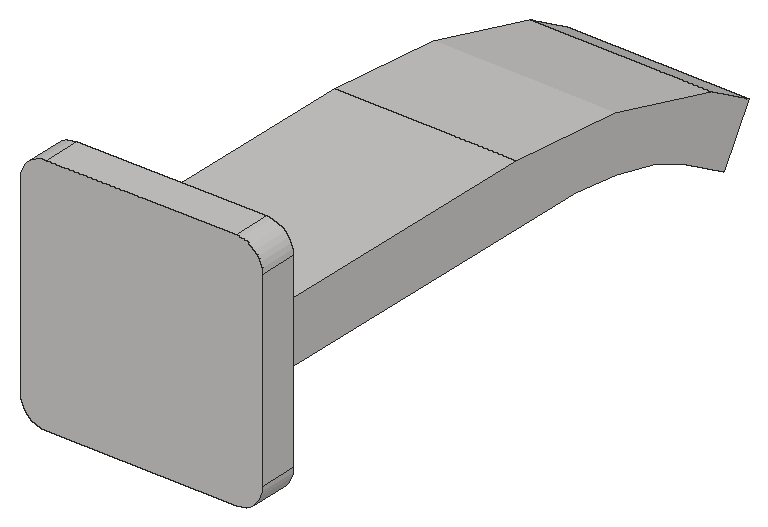
Revit family "S-1574", category Plumbing Fixtures, host Wall, Revit 2023
Family settings
  Host = Wall
  Round Connector Dimension = Use Diameter
  Part Type = Normal
  OmniClass Number = 23.45.00.00
  OmniClass Title = Sanitary, Laundry, and Cleaning Equipment
  Enable Cutting in Views = No
  Always vertical = Yes
  Cut with Voids When Loaded = No
  Maintain Annotation Orientation = No
  Shared = No
  Room Calculation Point = No
Parameters
  Default Elevation = 0"
Reference planes (in)
  plane 1: y = 0
  plane 2 "Center (Left/Right)": x = -0.47711
  plane 3 "Back": y = 3
  plane 4: y = 8.3125
Forms (in)
  Extrusion 1, solid, material "stainless steel"
    sketch origin (-0.47711, 3, 0) x (1, 0, 0) y (0, 0, 1)
      loop
        arc (-0.78263, 2) -> (-0.93633, 1.93633) -> (-1, 1.78263) r 0.21737
        line (-1, 1.78263) -> (-1, 0.21737)
        arc (-1, 0.21737) -> (-0.93633, 0.06367) -> (-0.78263, 0) r 0.21737
        line (-0.78263, 0) -> (0.78263, 0)
        arc (0.78263, 0) -> (0.93633, 0.06367) -> (1, 0.21737) r 0.21737
        line (1, 0.21737) -> (1, 1.78263)
        arc (1, 1.78263) -> (0.93633, 1.93633) -> (0.78263, 2) r 0.21737
        line (0.78263, 2) -> (-0.78263, 2)
    from -0.3125 to 0
  Extrusion 2, solid, material "stainless steel"
    sketch origin (-0.47711, 3, 0) x (0, 1, 0) y (0, 0, 1)
      loop
        arc (0.39097, 1.25) -> (0.33548, 1.27298) -> (0.3125, 1.32847) r 0.07847
        line (0.3125, 1.32847) -> (0.3125, 0.67153)
        arc (0.3125, 0.67153) -> (0.33548, 0.72702) -> (0.39097, 0.75) r 0.07847
        line (0.39097, 0.75) -> (3.53042, 0.75)
        arc (3.53042, 0.75) -> (3.95328, 0.69887) -> (4.36569, 0.59242) r 3.22298
        arc (4.36569, 0.59242) -> (4.5257, 0.52913) -> (4.67883, 0.45065) r 1.77531
        line (4.67883, 0.45065) -> (5.0625, 0.22914) -> (5.3125, 0.66215) -> (4.93895, 0.87782)
        arc (4.93895, 0.87782) -> (3.95219, 1.15617) -> (2.93122, 1.25) r 5.60147
        line (2.93122, 1.25) -> (0.39097, 1.25)
    from -0.75 to 0.75
Text (in)
  text "Placement Side" at (0, 40.15149, 123.01588), in view "Right"
  text "Placement Side" at (-70.3804, 45.82615, 0), in view "Ref. Level"
  text "Placement Side" at (0, 47.49176, 113.10569), in view "Left"
Dimensions and locks (in)
  locked: plane 3 "Back" to host wall
  Extrusion 1 to Extrusion 1 = 2"  (x2)
  Extrusion 2 to Extrusion 2 = 1 1/2"
  Extrusion 1 to Extrusion 1 = 5/16"
  plane 3 "Back" to plane 4 = 5 5/16"
  Extrusion 2 to Extrusion 2 = 1/2"
